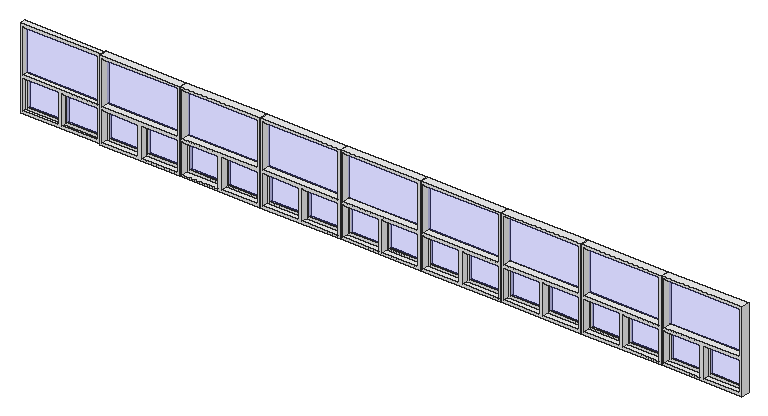
Revit family
Parameters
  창 두께 = 150 mm
  창 패널 = AW18 창 패널
  창 프레임 = AW18 창 프레임
  길이 2 = 길이 1 * 3  # 4500 mm
  길이 1 = (Width - 1175 mm) / 8  # 1500 mm
  Height = 1500 mm
  절반 창 두께 = 창 두께 / 2  # 75 mm
  기본 씰 높이 = 900 mm
  Wall Closure = (empty or 0)
  Width = 13175 mm
Reference planes
  plane 1: y = 0
  plane 2 "중심(왼쪽/오른쪽)": x = 0
  plane 3 "왼쪽": x = -6587.5
  plane 4 "오른쪽": x = 6587.5
  plane 5 "씰": z = 900
  plane 6 "헤드": z = 2400
  plane 7 "외부": y = 100
  plane 8 "내부": y = -100
  plane 9: y = 75
  plane 10: y = -75
  plane 11: y = 35
  plane 12: x = -6542.5
  plane 13: x = 6542.5
  plane 14: x = -6532.5
  plane 15: x = 6532.5
  plane 16: z = 1500
  plane 17: z = 1490
  plane 18: z = 1545
  plane 19: y = 55
  plane 20: y = 66
  plane 21: y = 44
  plane 22: y = -11
  plane 23: y = 11
  plane 24: x = -5412.5
  plane 25: x = 5087.5
  plane 26: x = -5445
  plane 27: x = -5380
  plane 28: x = -5435
  plane 29: x = -5390
  plane 30: x = 5055
  plane 31: x = 5120
  plane 32: x = 5065
  plane 33: x = 5110
  plane 34: x = 5837.5
  plane 35: x = -6000
  plane 36: x = -6032.5
  plane 37: x = -5967.5
  plane 38: x = -6022.5
  plane 39: x = -5977.5
  plane 40: x = 5805
  plane 41: x = 5870
  plane 42: x = 5815
  plane 43: x = 5860
  plane 44: x = 6212.5
  plane 45: x = 5462.5
  plane 46: x = -5706.25
  plane 47: x = -6293.75
  plane 48: x = -3912.5
  plane 49: x = 3587.5
  plane 50: x = -4662.5
  plane 51: x = 4337.5
  plane 52: x = -4695
  plane 53: x = -4630
  plane 54: x = -4685
  plane 55: x = -4640
  plane 56: x = -3945
  plane 57: x = -3880
  plane 58: x = -3935
  plane 59: x = -3890
  plane 60: x = 3555
  plane 61: x = 3620
  plane 62: x = 3565
  plane 63: x = 3610
  plane 64: x = 4305
  plane 65: x = 4370
  plane 66: x = 4315
  plane 67: x = 4360
  plane 68: x = 4712.5
  plane 69: x = 3962.5
  plane 70: x = -4287.5
  plane 71: x = -5037.5
  plane 72: x = -2412.5
  plane 73: x = -912.5
  plane 74: x = 587.5
  plane 75: x = 2087.5
  plane 76: x = -3162.5
  plane 77: x = -1662.5
  plane 78: x = -162.5
  plane 79: x = 1337.5
  plane 80: x = 2837.5
  plane 81: x = -3195
  plane 82: x = -3130
  plane 83: x = -3185
  plane 84: x = -3140
  plane 85: x = -2445
  plane 86: x = -2380
  plane 87: x = -2435
  plane 88: x = -2390
  plane 89: x = -1695
  plane 90: x = -1630
  plane 91: x = -1685
  plane 92: x = -1640
  plane 93: x = -945
  plane 94: x = -880
  plane 95: x = -935
  plane 96: x = -890
  plane 97: x = -130
  plane 98: x = -195
  plane 99: x = -185
  plane 100: x = -140
  plane 101: x = 555
  plane 102: x = 620
  plane 103: x = 565
  plane 104: x = 610
  plane 105: x = 1305
  plane 106: x = 1370
  plane 107: x = 1315
  plane 108: x = 1360
  plane 109: x = 2055
  plane 110: x = 2120
  plane 111: x = 2065
  plane 112: x = 2110
  plane 113: x = 2805
  plane 114: x = 2870
  plane 115: x = 2815
  plane 116: x = 2860
  plane 117: x = 3212.5
  plane 118: x = 2462.5
  plane 119: x = 1712.5
  plane 120: x = 962.5
  plane 121: x = 212.5
  plane 122: x = -537.5
  plane 123: x = -1287.5
  plane 124: x = -2037.5
  plane 125: x = -2787.5
  plane 126: x = -3537.5
Lines and regions (mm)
  symbolic lines, style "Windows"
    curve 1: line (-6912.5, 75, 0) -> (6587.5, 75, 0)
    curve 2: line (-6912.5, -75, 0) -> (6587.5, -75, 0)
  symbolic lines
    curve 3: line (-6912.5, 100, 0) -> (-6912.5, -100, 0)
    curve 4: line (6587.5, 100, 0) -> (6587.5, -100, 0)
    curve 5: line (-5457.5, 75, 0) -> (-5457.5, -75, 0)
    curve 6: line (-5367.5, 75, 0) -> (-5367.5, -75, 0)
    curve 7: line (-3957.5, 75, 0) -> (-3957.5, -75, 0)
    curve 8: line (-3867.5, 75, 0) -> (-3867.5, -75, 0)
    curve 9: line (-2457.5, 75, 0) -> (-2457.5, -75, 0)
    curve 10: line (-2367.5, 75, 0) -> (-2367.5, -75, 0)
    curve 11: line (-957.5, 75, 0) -> (-957.5, -75, 0)
    curve 12: line (-867.5, 75, 0) -> (-867.5, -75, 0)
    curve 13: line (542.5, 75, 0) -> (542.5, -75, 0)
    curve 14: line (632.5, 75, 0) -> (632.5, -75, 0)
    curve 15: line (2042.5, 75, 0) -> (2042.5, -75, 0)
    curve 16: line (2132.5, 75, 0) -> (2132.5, -75, 0)
    curve 17: line (3542.5, 75, 0) -> (3542.5, -75, 0)
    curve 18: line (3632.5, 75, 0) -> (3632.5, -75, 0)
    curve 19: line (5042.5, 75, 0) -> (5042.5, -75, 0)
    curve 20: line (5132.5, 75, 0) -> (5132.5, -75, 0)
    curve 21: line (-6912.5, 0, 0) -> (-5457.5, 0, 0)
    curve 22: line (-5367.5, 0, 0) -> (-3957.5, 0, 0)
    curve 23: line (-3867.5, 0, 0) -> (-2457.5, 0, 0)
    curve 24: line (-2367.5, 0, 0) -> (-957.5, 0, 0)
    curve 25: line (-867.5, 0, 0) -> (542.5, 0, 0)
    curve 26: line (632.5, 0, 0) -> (2042.5, 0, 0)
    curve 27: line (2132.5, 0, 0) -> (3542.5, 0, 0)
    curve 28: line (3632.5, 0, 0) -> (5042.5, 0, 0)
    curve 29: line (5132.5, 0, 0) -> (6587.5, 0, 0)
Text (mm)
  text "외부" at (-1963.203, 1332.353, 0), in view "참조 레벨"
  text "내부" at (-1981.466, -818.386, 0), in view "참조 레벨"
  text "외부" at (0, 923.751, 2943.296), in view "오른쪽"
  text "외부" at (0, 1040.484, 2685.409), in view "왼쪽"
Dimensions and locks
  equal spacing: plane 3 "왼쪽", plane 2 "중심(왼쪽/오른쪽)", plane 4 "오른쪽"
  "Width": plane 3 "왼쪽" to plane 4 "오른쪽"
  "Height": plane 5 "씰" to plane 6 "헤드"
  "기본 씰 높이": plane 5 "씰" to level
  locked: plane 7 "외부" to host wall at 0
  locked: plane 8 "내부" to host wall
  plane 9 to plane 19 to plane 11 = 20 mm locked, 20 mm locked
  plane 20 to plane 19 to plane 21 = 11 mm locked, 11 mm locked
  plane 23 to host wall to plane 22 = 11 mm locked, 11 mm locked
  plane 3 "왼쪽" to plane 12 to plane 14 = 45 mm locked, 10 mm locked
  plane 15 to plane 13 to plane 4 "오른쪽" = 10 mm locked, 45 mm locked
  plane 26 to plane 28 to plane 24 to plane 29 to plane 27 = 10 mm locked, 22.5 mm locked, 22.5 mm locked, 10 mm locked
  plane 30 to plane 32 to plane 25 to plane 33 to plane 31 = 10 mm locked, 22.5 mm locked, 22.5 mm locked, 10 mm locked
  equal spacing: plane 24, plane 35, plane 3 "왼쪽"
  equal spacing: plane 25, plane 34, plane 4 "오른쪽"
  plane 36 to plane 38 to plane 35 to plane 39 to plane 37 = 10 mm locked, 22.5 mm locked, 22.5 mm locked, 10 mm locked
  plane 40 to plane 42 to plane 34 to plane 43 to plane 41 = 10 mm locked, 22.5 mm locked, 22.5 mm locked, 10 mm locked
  equal spacing: plane 34, plane 44, plane 4 "오른쪽"
  equal spacing: plane 34, plane 45, plane 25
  equal spacing: plane 35, plane 46, plane 24
  equal spacing: plane 35, plane 47, plane 3 "왼쪽"
  plane 52 to plane 54 to plane 50 to plane 55 to plane 53 = 10 mm locked, 22.5 mm locked, 22.5 mm locked, 10 mm locked
  plane 56 to plane 58 to plane 48 to plane 59 to plane 57 = 10 mm locked, 22.5 mm locked, 22.5 mm locked, 10 mm locked
  plane 60 to plane 62 to plane 49 to plane 63 to plane 61 = 10 mm locked, 22.5 mm locked, 22.5 mm locked, 10 mm locked
  plane 64 to plane 66 to plane 51 to plane 67 to plane 65 = 10 mm locked, 22.5 mm locked, 22.5 mm locked, 10 mm locked
  equal spacing: plane 51, plane 68, plane 25
  equal spacing: plane 49, plane 69, plane 51
  equal spacing: plane 50, plane 70, plane 48
  equal spacing: plane 24, plane 71, plane 50
  equal spacing: plane 49, plane 51, plane 25
  equal spacing: plane 24, plane 50, plane 48
  equal spacing: plane 24, plane 48, plane 72, plane 73, plane 74, plane 75, plane 49, plane 25, plane 4 "오른쪽"
  equal spacing: plane 48, plane 76, plane 72
  equal spacing: plane 72, plane 77, plane 73
  equal spacing: plane 73, plane 78, plane 74
  equal spacing: plane 74, plane 79, plane 75
  equal spacing: plane 75, plane 80, plane 49
  plane 81 to plane 83 to plane 76 to plane 84 to plane 82 = 10 mm locked, 22.5 mm locked, 22.5 mm locked, 10 mm locked
  plane 85 to plane 87 to plane 72 to plane 88 to plane 86 = 10 mm locked, 22.5 mm locked, 22.5 mm locked, 10 mm locked
  plane 89 to plane 91 to plane 77 to plane 92 to plane 90 = 10 mm locked, 22.5 mm locked, 22.5 mm locked, 10 mm locked
  plane 93 to plane 95 to plane 73 to plane 96 to plane 94 = 10 mm locked, 22.5 mm locked, 22.5 mm locked, 10 mm locked
  plane 98 to plane 99 to plane 78 to plane 100 to plane 97 = 10 mm locked, 22.5 mm locked, 22.5 mm locked, 10 mm locked
  plane 101 to plane 103 to plane 74 to plane 104 to plane 102 = 10 mm locked, 22.5 mm locked, 22.5 mm locked, 10 mm locked
  plane 105 to plane 107 to plane 79 to plane 108 to plane 106 = 10 mm locked, 22.5 mm locked, 22.5 mm locked, 10 mm locked
  plane 109 to plane 111 to plane 75 to plane 112 to plane 110 = 10 mm locked, 22.5 mm locked, 22.5 mm locked, 10 mm locked
  plane 113 to plane 115 to plane 80 to plane 116 to plane 114 = 10 mm locked, 22.5 mm locked, 22.5 mm locked, 10 mm locked
  equal spacing: plane 80, plane 117, plane 49
  equal spacing: plane 75, plane 118, plane 80
  equal spacing: plane 79, plane 119, plane 75
  equal spacing: plane 74, plane 120, plane 79
  equal spacing: plane 78, plane 121, plane 74
  equal spacing: plane 73, plane 122, plane 78
  equal spacing: plane 77, plane 123, plane 73
  equal spacing: plane 72, plane 124, plane 77
  equal spacing: plane 76, plane 125, plane 72
  equal spacing: plane 48, plane 126, plane 76
  "절반 창 두께": plane 9 to host wall
  "절반 창 두께": host wall to plane 10
  aligned and locked: plane 5 "씰" to nested 1
  aligned and locked: plane 5 "씰" to nested 2
  aligned and locked: plane 5 "씰" to nested 3
  aligned and locked: plane 5 "씰" to nested 4
  aligned and locked: plane 5 "씰" to nested 5
  aligned and locked: plane 5 "씰" to nested 6
  aligned and locked: plane 5 "씰" to nested 7
  aligned and locked: plane 5 "씰" to nested 8
  aligned and locked: plane 5 "씰" to nested 9
  aligned and locked: nested 4 to nested 5
  aligned and locked: nested 7 to nested 8
  aligned and locked: nested 6 to nested 7
  aligned and locked: nested 3 to nested 4
  aligned and locked: nested 8 to nested 9
  aligned and locked: nested 5 to nested 6
  aligned and locked: nested 2 to nested 3
  aligned and locked: nested 1 to nested 2
  aligned and locked: curve 2 to nested 9
  aligned and locked: nested 1 to curve 1
  aligned and locked: plane 7 "외부" to curve 4
  aligned and locked: plane 8 "내부" to curve 4
  aligned and locked: curve 4 to nested 1
  aligned and locked: curve 3 to plane 7 "외부"
  aligned and locked: curve 3 to plane 8 "내부"
  aligned and locked: curve 3 to nested 9
  aligned and locked: plane 9 to curve 5
  aligned and locked: plane 9 to curve 6
  aligned and locked: plane 10 to curve 5
  aligned and locked: plane 10 to curve 6
  aligned and locked: nested 9 to curve 5
  aligned and locked: nested 8 to curve 6
  aligned and locked: nested 8 to curve 7
  aligned and locked: nested 7 to curve 8
  aligned and locked: nested 7 to curve 9
  aligned and locked: nested 6 to curve 10
  aligned and locked: nested 6 to curve 11
  aligned and locked: nested 5 to curve 12
  aligned and locked: nested 5 to curve 13
  aligned and locked: nested 4 to curve 14
  aligned and locked: nested 4 to curve 15
  aligned and locked: nested 3 to curve 16
  aligned and locked: nested 3 to curve 17
  aligned and locked: nested 2 to curve 18
  aligned and locked: nested 2 to curve 19
  aligned and locked: nested 1 to curve 20
  aligned and locked: curve 5 to curve 21
  aligned and locked: host wall to curve 21
  aligned and locked: curve 6 to curve 22
  aligned and locked: curve 7 to curve 22
  aligned and locked: host wall to curve 22
  aligned and locked: curve 8 to curve 23
  aligned and locked: curve 9 to curve 23
  aligned and locked: host wall to curve 23
  aligned and locked: curve 10 to curve 24
  aligned and locked: curve 11 to curve 24
  aligned and locked: host wall to curve 24
  aligned and locked: curve 12 to curve 25
  aligned and locked: curve 13 to curve 25
  aligned and locked: host wall to curve 25
  aligned and locked: curve 14 to curve 26
  aligned and locked: curve 15 to curve 26
  aligned and locked: host wall to curve 26
  aligned and locked: curve 16 to curve 27
  aligned and locked: curve 17 to curve 27
  aligned and locked: host wall to curve 27
  aligned and locked: curve 18 to curve 28
  aligned and locked: curve 19 to curve 28
  aligned and locked: host wall to curve 28
  aligned and locked: curve 20 to curve 29
  aligned and locked: host wall to curve 29
Nested families
  nested 1: "AW9 2" at (5837.5, 0, 0), type "AW9"
  nested 2: "AW9 2" at (4337.5, 0, 0), type "AW9"
  nested 3: "AW9 2" at (2837.5, 0, 0), type "AW9"
  nested 4: "AW9 2" at (1337.5, 0, 0), type "AW9"
  nested 5: "AW9 2" at (-162.5, 0, 0), type "AW9"
  nested 6: "AW9 2" at (-1662.5, 0, 0), type "AW9"
  nested 7: "AW9 2" at (-3162.5, 0, 0), type "AW9"
  nested 8: "AW9 2" at (-4662.5, 0, 0), type "AW9"
  nested 9: "AW9 2" at (-6162.5, 0, 0) x (-1, 0, 0) z (0, 0, 1), type "AW9-1"
Definition of nested family "AW9 2"
  Parameters (values of type "AW9-1")
    창 두께 = 100 mm
    창 패널 = AW9 창 패널
    창 프레임 = AW9 창 프레임
    Height = 1500 mm
    절반 창 두께 = 창 두께 / 2  # 50 mm
    기본 씰 높이 = 900 mm
    Wall Closure = (empty or 0)
    Width = 1500 mm
    Assembly Code = ""
  Types (2, lengths in mm): name | 창 두께 | 창 패널 | 창 프레임 | 절반 창 두께
    AW9 | 150 | AW19 창 패널 | AW19 창 프레임 | 75
    AW9-1 | 100 | AW9 창 패널 | AW9 창 프레임 | 50
  Reference planes
    plane 1: y = 0
    plane 2 "중심(왼쪽/오른쪽)": x = 0
    plane 3 "왼쪽": x = -750
    plane 4 "오른쪽": x = 750
    plane 5 "씰": z = 900
    plane 6 "헤드": z = 2400
    plane 7 "외부": y = 100
    plane 8 "내부": y = -100
    plane 9: y = 50
    plane 10: y = -50
    plane 11: y = 10
    plane 12: x = -705
    plane 13: x = 705
    plane 14: x = -695
    plane 15: x = 695
    plane 16: z = 1500
    plane 17: z = 1490
    plane 18: z = 1545
    plane 19: y = 30
    plane 20: y = 41
    plane 21: y = 19
    plane 22: y = -11
    plane 23: y = 11
    plane 24: x = -22.5
    plane 25: x = 22.5
    plane 26: x = -32.5
    plane 27: x = 32.5
    plane 28: z = 2355
    plane 29: z = 945
    plane 30: x = 655
    plane 31: z = 1450
    plane 32: x = -655
    plane 33: z = 985
    plane 34: x = 72.5
    plane 35: x = -72.5
    plane 36: x = 368.75
    plane 37: x = -368.75
  Forms (mm)
    Extrusion 1, solid, material "AW9 창 프레임" <- "창 프레임"
      sketch origin (-2000, 50, 1000) x (-1, 0, 0) y (0, 0, 1)
        loop
          line (-2750, 1400) -> (-2750, -100) -> (-1250, -100) -> (-1250, 1400) -> (-2750, 1400)
        loop
          line (-2705, 1355) -> (-2705, 545) -> (-1295, 545) -> (-1295, 1355) -> (-2705, 1355)
        loop
          line (-2705, -55) -> (-2032.5, -55) -> (-2032.5, 490) -> (-2705, 490) -> (-2705, -55)
        loop
          line (-1295, -55) -> (-1295, 490) -> (-1967.5, 490) -> (-1967.5, -55) -> (-1295, -55)
      from -100 to 0
    Extrusion 2, solid, material "AW9 창 프레임" <- "창 프레임"
      sketch origin (-2000, 50, 1000) x (-1, 0, 0) y (0, 0, 1)
        loop
          line (-2705, 490) -> (-2705, -55) -> (-2032.5, -55) -> (-2032.5, 490) -> (-2705, 490)
        loop
          line (-1967.5, 490) -> (-1967.5, -55) -> (-1295, -55) -> (-1295, 490) -> (-1967.5, 490)
        loop
          line (-2655, 450) -> (-2655, -15) -> (-2072.5, -15) -> (-2072.5, 450) -> (-2655, 450)
        loop
          line (-1927.5, 450) -> (-1927.5, -15) -> (-1345, -15) -> (-1345, 450) -> (-1927.5, 450)
      from -40 to 0
    Extrusion 3, solid, material "AW9 창 패널" <- "창 패널"
      sketch origin (-2000, 50, 1000) x (-1, 0, 0) y (0, 0, 1)
        loop
          line (-2705, 1355) -> (-2705, 545) -> (-1295, 545) -> (-1295, 1355) -> (-2705, 1355)
        loop
          line (-2655, 450) -> (-2655, -15) -> (-2072.5, -15) -> (-2072.5, 450) -> (-2655, 450)
        loop
          line (-1927.5, 450) -> (-1927.5, -15) -> (-1345, -15) -> (-1345, 450) -> (-1927.5, 450)
      from -31 to -9
  Lines and regions (mm)
    Opening 1
      outline origin (3500, -100, 0) x (1, 0, 0) y (0, 0, 1)
        loop
          line (-2750, 900) -> (-2750, 2400) -> (-4250, 2400) -> (-4250, 900) -> (-2750, 900)
    symbolic lines, style "입면도 스윙"
      curve 1: line (368.75, 50, 1490) -> (705, 50, 945)
      curve 2: line (368.75, 50, 1490) -> (32.5, 50, 945)
      curve 3: line (-32.5, 50, 945) -> (-368.75, 50, 1490)
      curve 4: line (-368.75, 50, 1490) -> (-705, 50, 945)
  Text (mm)
    text "외부" at (-1963.203, 1332.353, 0), in view "참조 레벨"
    text "내부" at (-1981.466, -818.386, 0), in view "참조 레벨"
    text "외부" at (0, 923.751, 2943.296), in view "오른쪽"
    text "외부" at (0, 1040.484, 2685.409), in view "왼쪽"
  Dimensions and locks
    equal spacing: plane 3 "왼쪽", plane 2 "중심(왼쪽/오른쪽)", plane 4 "오른쪽"
    "Width": plane 3 "왼쪽" to plane 4 "오른쪽"
    "Height": plane 5 "씰" to plane 6 "헤드"
    locked: plane 7 "외부" to host wall at 0
    locked: plane 8 "내부" to host wall
    plane 17 to plane 16 to plane 18 = 10 mm locked, 45 mm locked
    plane 9 to plane 19 to plane 11 = 20 mm locked, 20 mm locked
    plane 20 to plane 19 to plane 21 = 11 mm locked, 11 mm locked
    plane 23 to host wall to plane 22 = 11 mm locked, 11 mm locked
    plane 3 "왼쪽" to plane 12 to plane 14 = 45 mm locked, 10 mm locked
    plane 15 to plane 13 to plane 4 "오른쪽" = 10 mm locked, 45 mm locked
    plane 24 to plane 2 "중심(왼쪽/오른쪽)" to plane 25 = 22.5 mm locked, 22.5 mm locked
    locked: plane 26 to plane 24 at 10
    locked: plane 25 to plane 27 at 10
    locked: plane 5 "씰" to plane 16 at 600
    "절반 창 두께": plane 9 to plane 1
    "절반 창 두께": plane 10 to plane 1
    "기본 씰 높이": level to plane 5 "씰"
    locked: plane 28 to plane 6 "헤드" at 45
    locked: plane 5 "씰" to plane 29 at 45
    locked: plane 30 to plane 15 at 40
    locked: plane 31 to plane 17 at 40
    locked: plane 14 to plane 32 at 40
    locked: plane 29 to plane 33 at 40
    locked: plane 34 to plane 27 at 40
    locked: plane 26 to plane 35 at 40
    equal spacing: plane 27, plane 36, plane 13
    equal spacing: plane 26, plane 37, plane 12
    aligned and locked: plane 6 "헤드" to Extrusion 1 sketch curve
    aligned and locked: plane 4 "오른쪽" to Extrusion 1 sketch curve
    aligned and locked: Extrusion 1 sketch curve to plane 5 "씰"
    aligned and locked: Extrusion 1 sketch curve to plane 3 "왼쪽"
    aligned and locked: Extrusion 1 sketch curve to plane 28
    aligned and locked: plane 13 to Extrusion 1 sketch curve  (x2)
    aligned and locked: plane 29 to Extrusion 1 sketch curve  (x2)
    aligned and locked: Extrusion 1 sketch curve to plane 12
    aligned and locked: plane 18 to Extrusion 1 sketch curve
    aligned and locked: plane 12 to Extrusion 1 sketch curve
    aligned and locked: plane 17 to Extrusion 1 sketch curve  (x2)
    aligned and locked: plane 27 to Extrusion 1 sketch curve
    aligned and locked: plane 26 to Extrusion 1 sketch curve
    aligned and locked: Extrusion 1 to plane 10
    aligned and locked: plane 9 to Extrusion 1
    aligned and locked: plane 17 to Extrusion 2 sketch curve  (x2)
    aligned and locked: plane 13 to Extrusion 2 sketch curve
    aligned and locked: plane 29 to Extrusion 2 sketch curve  (x2)
    aligned and locked: plane 27 to Extrusion 2 sketch curve
    aligned and locked: Extrusion 2 sketch curve to plane 31  (x2)
    aligned and locked: plane 30 to Extrusion 2 sketch curve
    aligned and locked: plane 33 to Extrusion 2 sketch curve  (x2)
    aligned and locked: Extrusion 2 sketch curve to plane 34
    aligned and locked: Extrusion 2 sketch curve to plane 26
    aligned and locked: Extrusion 2 sketch curve to plane 12
    aligned and locked: plane 35 to Extrusion 2 sketch curve
    aligned and locked: Extrusion 2 sketch curve to plane 32
    aligned and locked: Extrusion 2 to plane 9
    aligned and locked: Extrusion 2 to plane 11
    aligned and locked: Extrusion 3 sketch curve to plane 28
    aligned and locked: plane 13 to Extrusion 3 sketch curve
    aligned and locked: Extrusion 3 sketch curve to plane 18
    aligned and locked: Extrusion 3 sketch curve to plane 12
    aligned and locked: Extrusion 3 sketch curve to plane 31  (x2)
    aligned and locked: plane 30 to Extrusion 3 sketch curve
    aligned and locked: plane 33 to Extrusion 3 sketch curve  (x2)
    aligned and locked: Extrusion 3 sketch curve to plane 34
    aligned and locked: plane 35 to Extrusion 3 sketch curve
    aligned and locked: Extrusion 3 sketch curve to plane 32
    aligned and locked: Extrusion 3 to plane 21
    aligned and locked: plane 20 to Extrusion 3
    aligned and locked: plane 36 to curve 1
    aligned and locked: plane 29 to curve 1
    aligned and locked: plane 13 to curve 1
    aligned and locked: plane 17 to curve 2
    aligned and locked: plane 27 to curve 2
    aligned and locked: plane 29 to curve 2
    aligned and locked: plane 17 to curve 3
    aligned and locked: plane 37 to curve 3
    aligned and locked: plane 29 to curve 3
    aligned and locked: plane 26 to curve 3
    aligned and locked: plane 29 to curve 4
    aligned and locked: plane 12 to curve 4
  Automatic sketch dimensions
    Opening 1 sketch curve to plane 3 "왼쪽" = 0 mm
    Opening 1 sketch curve to plane 4 "오른쪽" = 0 mm
    Opening 1 sketch curve to plane 5 "씰" = 0 mm
    Opening 1 sketch curve to plane 6 "헤드" = 0 mm
    Extrusion 1 sketch curve to plane 17 = 0 mm
    Extrusion 1 sketch curve to plane 29 = 0 mm
